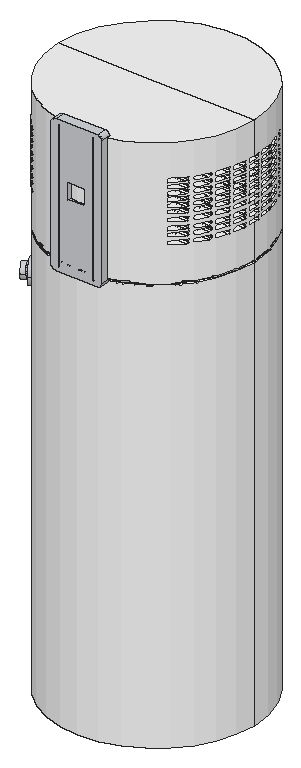
Revit family "STIEBEL ELTRON_WWK 302", category Generic Models, Revit 2022 (continued)
Forms (mm)
  Extrusion 11, void
    sketch origin (-205, 414.536, 5000) x (0, -1, 0) y (0, 0, 1)
      loop
        arc (618.846, -3208.584) -> (620.311, -3212.12) -> (623.846, -3213.584) r 5
        line (623.846, -3213.584) -> (660.17, -3213.584)
        arc (660.17, -3213.584) -> (663.706, -3212.12) -> (665.17, -3208.584) r 5
        line (665.17, -3208.584) -> (665.17, -3204.001)
        arc (665.17, -3204.001) -> (663.706, -3200.466) -> (660.17, -3199.001) r 5
        line (660.17, -3199.001) -> (623.846, -3199.001)
      loop
        arc (173.254, -3199.001) -> (169.719, -3200.466) -> (168.254, -3204.001) r 5
        line (168.254, -3204.001) -> (168.254, -3208.584)
        arc (168.254, -3208.584) -> (169.719, -3212.12) -> (173.254, -3213.584) r 5
        line (173.254, -3213.584) -> (209.578, -3213.584)
        arc (209.578, -3213.584) -> (213.114, -3212.12) -> (214.578, -3208.584) r 5
        line (214.578, -3208.584) -> (214.578, -3204.001)
        arc (214.578, -3204.001) -> (213.114, -3200.466) -> (209.578, -3199.001) r 5
        line (209.578, -3199.001) -> (173.254, -3199.001)
      loop
        arc (229.578, -3199.001) -> (226.043, -3200.466) -> (224.578, -3204.001) r 5
        line (224.578, -3204.001) -> (224.578, -3208.584)
        arc (224.578, -3208.584) -> (226.043, -3212.12) -> (229.578, -3213.584) r 5
        line (229.578, -3213.584) -> (265.902, -3213.584)
        arc (265.902, -3213.584) -> (269.438, -3212.12) -> (270.902, -3208.584) r 5
        line (270.902, -3208.584) -> (270.902, -3204.001)
        arc (270.902, -3204.001) -> (269.438, -3200.466) -> (265.902, -3199.001) r 5
        line (265.902, -3199.001) -> (229.578, -3199.001)
      loop
        arc (285.902, -3199.001) -> (282.367, -3200.466) -> (280.902, -3204.001) r 5
        line (280.902, -3204.001) -> (280.902, -3208.584)
        arc (280.902, -3208.584) -> (282.367, -3212.12) -> (285.902, -3213.584) r 5
        line (285.902, -3213.584) -> (322.226, -3213.584)
        arc (322.226, -3213.584) -> (325.762, -3212.12) -> (327.226, -3208.584) r 5
        line (327.226, -3208.584) -> (327.226, -3204.001)
        arc (327.226, -3204.001) -> (325.762, -3200.466) -> (322.226, -3199.001) r 5
        line (322.226, -3199.001) -> (285.902, -3199.001)
      loop
        arc (342.226, -3219.001) -> (338.691, -3220.466) -> (337.226, -3224.001) r 5
        line (337.226, -3224.001) -> (337.226, -3228.584)
        arc (337.226, -3228.584) -> (338.691, -3232.12) -> (342.226, -3233.584) r 5
        line (342.226, -3233.584) -> (378.55, -3233.584)
        arc (378.55, -3233.584) -> (382.086, -3232.12) -> (383.55, -3228.584) r 5
        line (383.55, -3228.584) -> (383.55, -3224.001)
        arc (383.55, -3224.001) -> (382.086, -3220.466) -> (378.55, -3219.001) r 5
        line (378.55, -3219.001) -> (342.226, -3219.001)
      loop
        arc (398.55, -3219.001) -> (395.015, -3220.466) -> (393.55, -3224.001) r 5
        line (393.55, -3224.001) -> (393.55, -3228.584)
        arc (393.55, -3228.584) -> (395.015, -3232.12) -> (398.55, -3233.584) r 5
        line (398.55, -3233.584) -> (434.874, -3233.584)
        arc (434.874, -3233.584) -> (438.41, -3232.12) -> (439.874, -3228.584) r 5
        line (439.874, -3228.584) -> (439.874, -3224.001)
        arc (439.874, -3224.001) -> (438.41, -3220.466) -> (434.874, -3219.001) r 5
        line (434.874, -3219.001) -> (398.55, -3219.001)
      loop
        arc (454.874, -3219.001) -> (451.339, -3220.466) -> (449.874, -3224.001) r 5
        line (449.874, -3224.001) -> (449.874, -3228.584)
        arc (449.874, -3228.584) -> (451.339, -3232.12) -> (454.874, -3233.584) r 5
        line (454.874, -3233.584) -> (491.198, -3233.584)
        arc (491.198, -3233.584) -> (494.734, -3232.12) -> (496.198, -3228.584) r 5
        line (496.198, -3228.584) -> (496.198, -3224.001)
        arc (496.198, -3224.001) -> (494.734, -3220.466) -> (491.198, -3219.001) r 5
        line (491.198, -3219.001) -> (454.874, -3219.001)
      loop
        arc (511.198, -3219.001) -> (507.663, -3220.466) -> (506.198, -3224.001) r 5
        line (506.198, -3224.001) -> (506.198, -3228.584)
        arc (506.198, -3228.584) -> (507.663, -3232.12) -> (511.198, -3233.584) r 5
        line (511.198, -3233.584) -> (547.522, -3233.584)
        arc (547.522, -3233.584) -> (551.058, -3232.12) -> (552.522, -3228.584) r 5
        line (552.522, -3228.584) -> (552.522, -3224.001)
        arc (552.522, -3224.001) -> (551.058, -3220.466) -> (547.522, -3219.001) r 5
        line (547.522, -3219.001) -> (511.198, -3219.001)
      loop
        arc (567.522, -3219.001) -> (563.987, -3220.466) -> (562.522, -3224.001) r 5
        line (562.522, -3224.001) -> (562.522, -3228.584)
        arc (562.522, -3228.584) -> (563.987, -3232.12) -> (567.522, -3233.584) r 5
        line (567.522, -3233.584) -> (603.846, -3233.584)
        arc (603.846, -3233.584) -> (607.382, -3232.12) -> (608.846, -3228.584) r 5
        line (608.846, -3228.584) -> (608.846, -3224.001)
        arc (608.846, -3224.001) -> (607.382, -3220.466) -> (603.846, -3219.001) r 5
        line (603.846, -3219.001) -> (567.522, -3219.001)
      loop
        arc (623.846, -3219.001) -> (620.311, -3220.466) -> (618.846, -3224.001) r 5
        line (618.846, -3224.001) -> (618.846, -3228.584)
        arc (618.846, -3228.584) -> (620.311, -3232.12) -> (623.846, -3233.584) r 5
        line (623.846, -3233.584) -> (660.17, -3233.584)
        arc (660.17, -3233.584) -> (663.706, -3232.12) -> (665.17, -3228.584) r 5
        line (665.17, -3228.584) -> (665.17, -3224.001)
        arc (665.17, -3224.001) -> (663.706, -3220.466) -> (660.17, -3219.001) r 5
        line (660.17, -3219.001) -> (623.846, -3219.001)
      loop
        arc (173.254, -3219.001) -> (169.719, -3220.466) -> (168.254, -3224.001) r 5
        line (168.254, -3224.001) -> (168.254, -3228.584)
        arc (168.254, -3228.584) -> (169.719, -3232.12) -> (173.254, -3233.584) r 5
        line (173.254, -3233.584) -> (209.578, -3233.584)
        arc (209.578, -3233.584) -> (213.114, -3232.12) -> (214.578, -3228.584) r 5
        line (214.578, -3228.584) -> (214.578, -3224.001)
        arc (214.578, -3224.001) -> (213.114, -3220.466) -> (209.578, -3219.001) r 5
        line (209.578, -3219.001) -> (173.254, -3219.001)
      loop
        arc (229.578, -3219.001) -> (226.043, -3220.466) -> (224.578, -3224.001) r 5
        line (224.578, -3224.001) -> (224.578, -3228.584)
        arc (224.578, -3228.584) -> (226.043, -3232.12) -> (229.578, -3233.584) r 5
        line (229.578, -3233.584) -> (265.902, -3233.584)
        arc (265.902, -3233.584) -> (269.438, -3232.12) -> (270.902, -3228.584) r 5
        line (270.902, -3228.584) -> (270.902, -3224.001)
        arc (270.902, -3224.001) -> (269.438, -3220.466) -> (265.902, -3219.001) r 5
        line (265.902, -3219.001) -> (229.578, -3219.001)
      loop
        arc (285.902, -3219.001) -> (282.367, -3220.466) -> (280.902, -3224.001) r 5
        line (280.902, -3224.001) -> (280.902, -3228.584)
        arc (280.902, -3228.584) -> (282.367, -3232.12) -> (285.902, -3233.584) r 5
        line (285.902, -3233.584) -> (322.226, -3233.584)
        arc (322.226, -3233.584) -> (325.762, -3232.12) -> (327.226, -3228.584) r 5
        line (327.226, -3228.584) -> (327.226, -3224.001)
        arc (327.226, -3224.001) -> (325.762, -3220.466) -> (322.226, -3219.001) r 5
        line (322.226, -3219.001) -> (285.902, -3219.001)
      loop
        arc (342.226, -3239.001) -> (338.691, -3240.466) -> (337.226, -3244.001) r 5
        line (337.226, -3244.001) -> (337.226, -3248.584)
        arc (337.226, -3248.584) -> (338.691, -3252.12) -> (342.226, -3253.584) r 5
        line (342.226, -3253.584) -> (378.55, -3253.584)
        arc (378.55, -3253.584) -> (382.086, -3252.12) -> (383.55, -3248.584) r 5
        line (383.55, -3248.584) -> (383.55, -3244.001)
        arc (383.55, -3244.001) -> (382.086, -3240.466) -> (378.55, -3239.001) r 5
        line (378.55, -3239.001) -> (342.226, -3239.001)
      loop
        arc (398.55, -3239.001) -> (395.015, -3240.466) -> (393.55, -3244.001) r 5
        line (393.55, -3244.001) -> (393.55, -3248.584)
        arc (393.55, -3248.584) -> (395.015, -3252.12) -> (398.55, -3253.584) r 5
        line (398.55, -3253.584) -> (434.874, -3253.584)
        arc (434.874, -3253.584) -> (438.41, -3252.12) -> (439.874, -3248.584) r 5
        line (439.874, -3248.584) -> (439.874, -3244.001)
        arc (439.874, -3244.001) -> (438.41, -3240.466) -> (434.874, -3239.001) r 5
        line (434.874, -3239.001) -> (398.55, -3239.001)
      loop
        arc (454.874, -3239.001) -> (451.339, -3240.466) -> (449.874, -3244.001) r 5
        line (449.874, -3244.001) -> (449.874, -3248.584)
        arc (449.874, -3248.584) -> (451.339, -3252.12) -> (454.874, -3253.584) r 5
        line (454.874, -3253.584) -> (491.198, -3253.584)
        arc (491.198, -3253.584) -> (494.734, -3252.12) -> (496.198, -3248.584) r 5
        line (496.198, -3248.584) -> (496.198, -3244.001)
        arc (496.198, -3244.001) -> (494.734, -3240.466) -> (491.198, -3239.001) r 5
        line (491.198, -3239.001) -> (454.874, -3239.001)
      loop
        arc (511.198, -3239.001) -> (507.663, -3240.466) -> (506.198, -3244.001) r 5
        line (506.198, -3244.001) -> (506.198, -3248.584)
        arc (506.198, -3248.584) -> (507.663, -3252.12) -> (511.198, -3253.584) r 5
        line (511.198, -3253.584) -> (547.522, -3253.584)
        arc (547.522, -3253.584) -> (551.058, -3252.12) -> (552.522, -3248.584) r 5
        line (552.522, -3248.584) -> (552.522, -3244.001)
        arc (552.522, -3244.001) -> (551.058, -3240.466) -> (547.522, -3239.001) r 5
        line (547.522, -3239.001) -> (511.198, -3239.001)
      loop
        arc (567.522, -3239.001) -> (563.987, -3240.466) -> (562.522, -3244.001) r 5
        line (562.522, -3244.001) -> (562.522, -3248.584)
        arc (562.522, -3248.584) -> (563.987, -3252.12) -> (567.522, -3253.584) r 5
        line (567.522, -3253.584) -> (603.846, -3253.584)
        arc (603.846, -3253.584) -> (607.382, -3252.12) -> (608.846, -3248.584) r 5
        line (608.846, -3248.584) -> (608.846, -3244.001)
        arc (608.846, -3244.001) -> (607.382, -3240.466) -> (603.846, -3239.001) r 5
        line (603.846, -3239.001) -> (567.522, -3239.001)
      loop
        arc (623.846, -3239.001) -> (620.311, -3240.466) -> (618.846, -3244.001) r 5
        line (618.846, -3244.001) -> (618.846, -3248.584)
        arc (618.846, -3248.584) -> (620.311, -3252.12) -> (623.846, -3253.584) r 5
        line (623.846, -3253.584) -> (660.17, -3253.584)
        arc (660.17, -3253.584) -> (663.706, -3252.12) -> (665.17, -3248.584) r 5
        line (665.17, -3248.584) -> (665.17, -3244.001)
        arc (665.17, -3244.001) -> (663.706, -3240.466) -> (660.17, -3239.001) r 5
        line (660.17, -3239.001) -> (623.846, -3239.001)
      loop
        arc (173.254, -3239.001) -> (169.719, -3240.466) -> (168.254, -3244.001) r 5
        line (168.254, -3244.001) -> (168.254, -3248.584)
        arc (168.254, -3248.584) -> (169.719, -3252.12) -> (173.254, -3253.584) r 5
        line (173.254, -3253.584) -> (209.578, -3253.584)
        arc (209.578, -3253.584) -> (213.114, -3252.12) -> (214.578, -3248.584) r 5
        line (214.578, -3248.584) -> (214.578, -3244.001)
        arc (214.578, -3244.001) -> (213.114, -3240.466) -> (209.578, -3239.001) r 5
        line (209.578, -3239.001) -> (173.254, -3239.001)
      loop
        arc (229.578, -3239.001) -> (226.043, -3240.466) -> (224.578, -3244.001) r 5
        line (224.578, -3244.001) -> (224.578, -3248.584)
        arc (224.578, -3248.584) -> (226.043, -3252.12) -> (229.578, -3253.584) r 5
        line (229.578, -3253.584) -> (265.902, -3253.584)
        arc (265.902, -3253.584) -> (269.438, -3252.12) -> (270.902, -3248.584) r 5
        line (270.902, -3248.584) -> (270.902, -3244.001)
        arc (270.902, -3244.001) -> (269.438, -3240.466) -> (265.902, -3239.001) r 5
        line (265.902, -3239.001) -> (229.578, -3239.001)
      loop
        arc (285.902, -3239.001) -> (282.367, -3240.466) -> (280.902, -3244.001) r 5
        line (280.902, -3244.001) -> (280.902, -3248.584)
        arc (280.902, -3248.584) -> (282.367, -3252.12) -> (285.902, -3253.584) r 5
        line (285.902, -3253.584) -> (322.226, -3253.584)
        arc (322.226, -3253.584) -> (325.762, -3252.12) -> (327.226, -3248.584) r 5
        line (327.226, -3248.584) -> (327.226, -3244.001)
        arc (327.226, -3244.001) -> (325.762, -3240.466) -> (322.226, -3239.001) r 5
        line (322.226, -3239.001) -> (285.902, -3239.001)
      loop
        arc (342.226, -3259.001) -> (338.691, -3260.466) -> (337.226, -3264.001) r 5
        line (337.226, -3264.001) -> (337.226, -3268.584)
        arc (337.226, -3268.584) -> (338.691, -3272.12) -> (342.226, -3273.584) r 5
        line (342.226, -3273.584) -> (378.55, -3273.584)
        arc (378.55, -3273.584) -> (382.086, -3272.12) -> (383.55, -3268.584) r 5
        line (383.55, -3268.584) -> (383.55, -3264.001)
        arc (383.55, -3264.001) -> (382.086, -3260.466) -> (378.55, -3259.001) r 5
        line (378.55, -3259.001) -> (342.226, -3259.001)
      loop
        arc (398.55, -3259.001) -> (395.015, -3260.466) -> (393.55, -3264.001) r 5
        line (393.55, -3264.001) -> (393.55, -3268.584)
        arc (393.55, -3268.584) -> (395.015, -3272.12) -> (398.55, -3273.584) r 5
        line (398.55, -3273.584) -> (434.874, -3273.584)
        arc (434.874, -3273.584) -> (438.41, -3272.12) -> (439.874, -3268.584) r 5
        line (439.874, -3268.584) -> (439.874, -3264.001)
        arc (439.874, -3264.001) -> (438.41, -3260.466) -> (434.874, -3259.001) r 5
        line (434.874, -3259.001) -> (398.55, -3259.001)
      loop
        arc (454.874, -3259.001) -> (451.339, -3260.466) -> (449.874, -3264.001) r 5
        line (449.874, -3264.001) -> (449.874, -3268.584)
        arc (449.874, -3268.584) -> (451.339, -3272.12) -> (454.874, -3273.584) r 5
        line (454.874, -3273.584) -> (491.198, -3273.584)
        arc (491.198, -3273.584) -> (494.734, -3272.12) -> (496.198, -3268.584) r 5
        line (496.198, -3268.584) -> (496.198, -3264.001)
        arc (496.198, -3264.001) -> (494.734, -3260.466) -> (491.198, -3259.001) r 5
        line (491.198, -3259.001) -> (454.874, -3259.001)
      loop
        arc (511.198, -3259.001) -> (507.663, -3260.466) -> (506.198, -3264.001) r 5
        line (506.198, -3264.001) -> (506.198, -3268.584)
        arc (506.198, -3268.584) -> (507.663, -3272.12) -> (511.198, -3273.584) r 5
        line (511.198, -3273.584) -> (547.522, -3273.584)
        arc (547.522, -3273.584) -> (551.058, -3272.12) -> (552.522, -3268.584) r 5
        line (552.522, -3268.584) -> (552.522, -3264.001)
        arc (552.522, -3264.001) -> (551.058, -3260.466) -> (547.522, -3259.001) r 5
        line (547.522, -3259.001) -> (511.198, -3259.001)
      loop
        arc (567.522, -3259.001) -> (563.987, -3260.466) -> (562.522, -3264.001) r 5
        line (562.522, -3264.001) -> (562.522, -3268.584)
        arc (562.522, -3268.584) -> (563.987, -3272.12) -> (567.522, -3273.584) r 5
        line (567.522, -3273.584) -> (603.846, -3273.584)
        arc (603.846, -3273.584) -> (607.382, -3272.12) -> (608.846, -3268.584) r 5
        line (608.846, -3268.584) -> (608.846, -3264.001)
        arc (608.846, -3264.001) -> (607.382, -3260.466) -> (603.846, -3259.001) r 5
        line (603.846, -3259.001) -> (567.522, -3259.001)
      loop
        arc (623.846, -3259.001) -> (620.311, -3260.466) -> (618.846, -3264.001) r 5
        line (618.846, -3264.001) -> (618.846, -3268.584)
        arc (618.846, -3268.584) -> (620.311, -3272.12) -> (623.846, -3273.584) r 5
        line (623.846, -3273.584) -> (660.17, -3273.584)
        arc (660.17, -3273.584) -> (663.706, -3272.12) -> (665.17, -3268.584) r 5
        line (665.17, -3268.584) -> (665.17, -3264.001)
        arc (665.17, -3264.001) -> (663.706, -3260.466) -> (660.17, -3259.001) r 5
        line (660.17, -3259.001) -> (623.846, -3259.001)
      loop
        arc (173.254, -3259.001) -> (169.719, -3260.466) -> (168.254, -3264.001) r 5
        line (168.254, -3264.001) -> (168.254, -3268.584)
        arc (168.254, -3268.584) -> (169.719, -3272.12) -> (173.254, -3273.584) r 5
        line (173.254, -3273.584) -> (209.578, -3273.584)
        arc (209.578, -3273.584) -> (213.114, -3272.12) -> (214.578, -3268.584) r 5
        line (214.578, -3268.584) -> (214.578, -3264.001)
        arc (214.578, -3264.001) -> (213.114, -3260.466) -> (209.578, -3259.001) r 5
        line (209.578, -3259.001) -> (173.254, -3259.001)
      loop
        arc (229.578, -3259.001) -> (226.043, -3260.466) -> (224.578, -3264.001) r 5
        line (224.578, -3264.001) -> (224.578, -3268.584)
        arc (224.578, -3268.584) -> (226.043, -3272.12) -> (229.578, -3273.584) r 5
        line (229.578, -3273.584) -> (265.902, -3273.584)
        arc (265.902, -3273.584) -> (269.438, -3272.12) -> (270.902, -3268.584) r 5
        line (270.902, -3268.584) -> (270.902, -3264.001)
        arc (270.902, -3264.001) -> (269.438, -3260.466) -> (265.902, -3259.001) r 5
        line (265.902, -3259.001) -> (229.578, -3259.001)
      loop
        arc (285.902, -3259.001) -> (282.367, -3260.466) -> (280.902, -3264.001) r 5
        line (280.902, -3264.001) -> (280.902, -3268.584)
        arc (280.902, -3268.584) -> (282.367, -3272.12) -> (285.902, -3273.584) r 5
        line (285.902, -3273.584) -> (322.226, -3273.584)
        arc (322.226, -3273.584) -> (325.762, -3272.12) -> (327.226, -3268.584) r 5
        line (327.226, -3268.584) -> (327.226, -3264.001)
        arc (327.226, -3264.001) -> (325.762, -3260.466) -> (322.226, -3259.001) r 5
        line (322.226, -3259.001) -> (285.902, -3259.001)
      loop
        arc (342.226, -3278.598) -> (338.691, -3280.063) -> (337.226, -3283.598) r 5
        line (337.226, -3283.598) -> (337.226, -3288.182)
        arc (337.226, -3288.182) -> (338.691, -3291.717) -> (342.226, -3293.182) r 5
        line (342.226, -3293.182) -> (378.55, -3293.182)
        arc (378.55, -3293.182) -> (382.086, -3291.717) -> (383.55, -3288.182) r 5
        line (383.55, -3288.182) -> (383.55, -3283.598)
        arc (383.55, -3283.598) -> (382.086, -3280.063) -> (378.55, -3278.598) r 5
        line (378.55, -3278.598) -> (342.226, -3278.598)
      loop
        arc (398.55, -3278.598) -> (395.015, -3280.063) -> (393.55, -3283.598) r 5
        line (393.55, -3283.598) -> (393.55, -3288.182)
        arc (393.55, -3288.182) -> (395.015, -3291.717) -> (398.55, -3293.182) r 5
        line (398.55, -3293.182) -> (434.874, -3293.182)
        arc (434.874, -3293.182) -> (438.41, -3291.717) -> (439.874, -3288.182) r 5
        line (439.874, -3288.182) -> (439.874, -3283.598)
        arc (439.874, -3283.598) -> (438.41, -3280.063) -> (434.874, -3278.598) r 5
        line (434.874, -3278.598) -> (398.55, -3278.598)
      loop
        arc (454.874, -3278.598) -> (451.339, -3280.063) -> (449.874, -3283.598) r 5
        line (449.874, -3283.598) -> (449.874, -3288.182)
        arc (449.874, -3288.182) -> (451.339, -3291.717) -> (454.874, -3293.182) r 5
        line (454.874, -3293.182) -> (491.198, -3293.182)
        arc (491.198, -3293.182) -> (494.734, -3291.717) -> (496.198, -3288.182) r 5
        line (496.198, -3288.182) -> (496.198, -3283.598)
        arc (496.198, -3283.598) -> (494.734, -3280.063) -> (491.198, -3278.598) r 5
        line (491.198, -3278.598) -> (454.874, -3278.598)
      loop
        arc (511.198, -3278.598) -> (507.663, -3280.063) -> (506.198, -3283.598) r 5
        line (506.198, -3283.598) -> (506.198, -3288.182)
        arc (506.198, -3288.182) -> (507.663, -3291.717) -> (511.198, -3293.182) r 5
        line (511.198, -3293.182) -> (547.522, -3293.182)
        arc (547.522, -3293.182) -> (551.058, -3291.717) -> (552.522, -3288.182) r 5
        line (552.522, -3288.182) -> (552.522, -3283.598)
        arc (552.522, -3283.598) -> (551.058, -3280.063) -> (547.522, -3278.598) r 5
        line (547.522, -3278.598) -> (511.198, -3278.598)
      loop
        arc (567.522, -3278.598) -> (563.987, -3280.063) -> (562.522, -3283.598) r 5
        line (562.522, -3283.598) -> (562.522, -3288.182)
        arc (562.522, -3288.182) -> (563.987, -3291.717) -> (567.522, -3293.182) r 5
        line (567.522, -3293.182) -> (603.846, -3293.182)
        arc (603.846, -3293.182) -> (607.382, -3291.717) -> (608.846, -3288.182) r 5
        line (608.846, -3288.182) -> (608.846, -3283.598)
        arc (608.846, -3283.598) -> (607.382, -3280.063) -> (603.846, -3278.598) r 5
        line (603.846, -3278.598) -> (567.522, -3278.598)
      loop
        arc (623.846, -3278.598) -> (620.311, -3280.063) -> (618.846, -3283.598) r 5
        line (618.846, -3283.598) -> (618.846, -3288.182)
        arc (618.846, -3288.182) -> (620.311, -3291.717) -> (623.846, -3293.182) r 5
        line (623.846, -3293.182) -> (660.17, -3293.182)
        arc (660.17, -3293.182) -> (663.706, -3291.717) -> (665.17, -3288.182) r 5
        line (665.17, -3288.182) -> (665.17, -3283.598)
        arc (665.17, -3283.598) -> (663.706, -3280.063) -> (660.17, -3278.598) r 5
        line (660.17, -3278.598) -> (623.846, -3278.598)
      loop
        arc (173.254, -3278.598) -> (169.719, -3280.063) -> (168.254, -3283.598) r 5
        line (168.254, -3283.598) -> (168.254, -3288.182)
        arc (168.254, -3288.182) -> (169.719, -3291.717) -> (173.254, -3293.182) r 5
        line (173.254, -3293.182) -> (209.578, -3293.182)
        arc (209.578, -3293.182) -> (213.114, -3291.717) -> (214.578, -3288.182) r 5
        line (214.578, -3288.182) -> (214.578, -3283.598)
        arc (214.578, -3283.598) -> (213.114, -3280.063) -> (209.578, -3278.598) r 5
        line (209.578, -3278.598) -> (173.254, -3278.598)
      loop
        arc (229.578, -3278.598) -> (226.043, -3280.063) -> (224.578, -3283.598) r 5
        line (224.578, -3283.598) -> (224.578, -3288.182)
        arc (224.578, -3288.182) -> (226.043, -3291.717) -> (229.578, -3293.182) r 5
        line (229.578, -3293.182) -> (265.902, -3293.182)
        arc (265.902, -3293.182) -> (269.438, -3291.717) -> (270.902, -3288.182) r 5
        line (270.902, -3288.182) -> (270.902, -3283.598)
        arc (270.902, -3283.598) -> (269.438, -3280.063) -> (265.902, -3278.598) r 5
        line (265.902, -3278.598) -> (229.578, -3278.598)
      loop
        arc (285.902, -3278.598) -> (282.367, -3280.063) -> (280.902, -3283.598) r 5
        line (280.902, -3283.598) -> (280.902, -3288.182)
        arc (280.902, -3288.182) -> (282.367, -3291.717) -> (285.902, -3293.182) r 5
        line (285.902, -3293.182) -> (322.226, -3293.182)
        arc (322.226, -3293.182) -> (325.762, -3291.717) -> (327.226, -3288.182) r 5
        line (327.226, -3288.182) -> (327.226, -3283.598)
        arc (327.226, -3283.598) -> (325.762, -3280.063) -> (322.226, -3278.598) r 5
        line (322.226, -3278.598) -> (285.902, -3278.598)
      loop
        arc (342.226, -3298.584) -> (338.691, -3300.049) -> (337.226, -3303.584) r 5
        line (337.226, -3303.584) -> (337.226, -3308.168)
        arc (337.226, -3308.168) -> (338.691, -3311.703) -> (342.226, -3313.168) r 5
        line (342.226, -3313.168) -> (378.55, -3313.168)
        arc (378.55, -3313.168) -> (382.086, -3311.703) -> (383.55, -3308.168) r 5
        line (383.55, -3308.168) -> (383.55, -3303.584)
        arc (383.55, -3303.584) -> (382.086, -3300.049) -> (378.55, -3298.584) r 5
        line (378.55, -3298.584) -> (342.226, -3298.584)
      loop
        arc (398.55, -3298.584) -> (395.015, -3300.049) -> (393.55, -3303.584) r 5
        line (393.55, -3303.584) -> (393.55, -3308.168)
        arc (393.55, -3308.168) -> (395.015, -3311.703) -> (398.55, -3313.168) r 5
        line (398.55, -3313.168) -> (434.874, -3313.168)
        arc (434.874, -3313.168) -> (438.41, -3311.703) -> (439.874, -3308.168) r 5
        line (439.874, -3308.168) -> (439.874, -3303.584)
        arc (439.874, -3303.584) -> (438.41, -3300.049) -> (434.874, -3298.584) r 5
        line (434.874, -3298.584) -> (398.55, -3298.584)
      loop
        arc (454.874, -3298.584) -> (451.339, -3300.049) -> (449.874, -3303.584) r 5
        line (449.874, -3303.584) -> (449.874, -3308.168)
        arc (449.874, -3308.168) -> (451.339, -3311.703) -> (454.874, -3313.168) r 5
        line (454.874, -3313.168) -> (491.198, -3313.168)
        arc (491.198, -3313.168) -> (494.734, -3311.703) -> (496.198, -3308.168) r 5
        line (496.198, -3308.168) -> (496.198, -3303.584)
        arc (496.198, -3303.584) -> (494.734, -3300.049) -> (491.198, -3298.584) r 5
        line (491.198, -3298.584) -> (454.874, -3298.584)
      loop
        arc (511.198, -3298.584) -> (507.663, -3300.049) -> (506.198, -3303.584) r 5
        line (506.198, -3303.584) -> (506.198, -3308.168)
        arc (506.198, -3308.168) -> (507.663, -3311.703) -> (511.198, -3313.168) r 5
        line (511.198, -3313.168) -> (547.522, -3313.168)
        arc (547.522, -3313.168) -> (551.058, -3311.703) -> (552.522, -3308.168) r 5
        line (552.522, -3308.168) -> (552.522, -3303.584)
        arc (552.522, -3303.584) -> (551.058, -3300.049) -> (547.522, -3298.584) r 5
        line (547.522, -3298.584) -> (511.198, -3298.584)
      loop
        arc (567.522, -3298.584) -> (563.987, -3300.049) -> (562.522, -3303.584) r 5
        line (562.522, -3303.584) -> (562.522, -3308.168)
        arc (562.522, -3308.168) -> (563.987, -3311.703) -> (567.522, -3313.168) r 5
        line (567.522, -3313.168) -> (603.846, -3313.168)
        arc (603.846, -3313.168) -> (607.382, -3311.703) -> (608.846, -3308.168) r 5
        line (608.846, -3308.168) -> (608.846, -3303.584)
        arc (608.846, -3303.584) -> (607.382, -3300.049) -> (603.846, -3298.584) r 5
        line (603.846, -3298.584) -> (567.522, -3298.584)
      loop
        arc (623.846, -3298.584) -> (620.311, -3300.049) -> (618.846, -3303.584) r 5
        line (618.846, -3303.584) -> (618.846, -3308.168)
        arc (618.846, -3308.168) -> (620.311, -3311.703) -> (623.846, -3313.168) r 5
        line (623.846, -3313.168) -> (660.17, -3313.168)
        arc (660.17, -3313.168) -> (663.706, -3311.703) -> (665.17, -3308.168) r 5
        line (665.17, -3308.168) -> (665.17, -3303.584)
        arc (665.17, -3303.584) -> (663.706, -3300.049) -> (660.17, -3298.584) r 5
        line (660.17, -3298.584) -> (623.846, -3298.584)
      loop
        arc (173.254, -3298.584) -> (169.719, -3300.049) -> (168.254, -3303.584) r 5
        line (168.254, -3303.584) -> (168.254, -3308.168)
        arc (168.254, -3308.168) -> (169.719, -3311.703) -> (173.254, -3313.168) r 5
        line (173.254, -3313.168) -> (209.578, -3313.168)
        arc (209.578, -3313.168) -> (213.114, -3311.703) -> (214.578, -3308.168) r 5
        line (214.578, -3308.168) -> (214.578, -3303.584)
        arc (214.578, -3303.584) -> (213.114, -3300.049) -> (209.578, -3298.584) r 5
        line (209.578, -3298.584) -> (173.254, -3298.584)
      loop
        arc (229.578, -3298.584) -> (226.043, -3300.049) -> (224.578, -3303.584) r 5
        line (224.578, -3303.584) -> (224.578, -3308.168)
        arc (224.578, -3308.168) -> (226.043, -3311.703) -> (229.578, -3313.168) r 5
        line (229.578, -3313.168) -> (265.902, -3313.168)
        arc (265.902, -3313.168) -> (269.438, -3311.703) -> (270.902, -3308.168) r 5
        line (270.902, -3308.168) -> (270.902, -3303.584)
        arc (270.902, -3303.584) -> (269.438, -3300.049) -> (265.902, -3298.584) r 5
        line (265.902, -3298.584) -> (229.578, -3298.584)
      loop
        arc (285.902, -3298.584) -> (282.367, -3300.049) -> (280.902, -3303.584) r 5
        line (280.902, -3303.584) -> (280.902, -3308.168)
        arc (280.902, -3308.168) -> (282.367, -3311.703) -> (285.902, -3313.168) r 5
        line (285.902, -3313.168) -> (322.226, -3313.168)
        arc (322.226, -3313.168) -> (325.762, -3311.703) -> (327.226, -3308.168) r 5
        line (327.226, -3308.168) -> (327.226, -3303.584)
        arc (327.226, -3303.584) -> (325.762, -3300.049) -> (322.226, -3298.584) r 5
        line (322.226, -3298.584) -> (285.902, -3298.584)
      loop
        arc (342.226, -3323.584) -> (338.691, -3325.049) -> (337.226, -3328.584) r 5
        line (337.226, -3328.584) -> (337.226, -3333.168)
        arc (337.226, -3333.168) -> (338.691, -3336.703) -> (342.226, -3338.168) r 5
        line (342.226, -3338.168) -> (378.55, -3338.168)
        arc (378.55, -3338.168) -> (382.086, -3336.703) -> (383.55, -3333.168) r 5
        line (383.55, -3333.168) -> (383.55, -3328.584)
        arc (383.55, -3328.584) -> (382.086, -3325.049) -> (378.55, -3323.584) r 5
        line (378.55, -3323.584) -> (342.226, -3323.584)
      loop
        arc (398.55, -3323.584) -> (395.015, -3325.049) -> (393.55, -3328.584) r 5
        line (393.55, -3328.584) -> (393.55, -3333.168)
        arc (393.55, -3333.168) -> (395.015, -3336.703) -> (398.55, -3338.168) r 5
        line (398.55, -3338.168) -> (434.874, -3338.168)
        arc (434.874, -3338.168) -> (438.41, -3336.703) -> (439.874, -3333.168) r 5
        line (439.874, -3333.168) -> (439.874, -3328.584)
        arc (439.874, -3328.584) -> (438.41, -3325.049) -> (434.874, -3323.584) r 5
        line (434.874, -3323.584) -> (398.55, -3323.584)
      loop
        arc (454.874, -3323.584) -> (451.339, -3325.049) -> (449.874, -3328.584) r 5
        line (449.874, -3328.584) -> (449.874, -3333.168)
        arc (449.874, -3333.168) -> (451.339, -3336.703) -> (454.874, -3338.168) r 5
        line (454.874, -3338.168) -> (491.198, -3338.168)
        arc (491.198, -3338.168) -> (494.734, -3336.703) -> (496.198, -3333.168) r 5
        line (496.198, -3333.168) -> (496.198, -3328.584)
        arc (496.198, -3328.584) -> (494.734, -3325.049) -> (491.198, -3323.584) r 5
        line (491.198, -3323.584) -> (454.874, -3323.584)
      loop
        arc (511.198, -3323.584) -> (507.663, -3325.049) -> (506.198, -3328.584) r 5
        line (506.198, -3328.584) -> (506.198, -3333.168)
        arc (506.198, -3333.168) -> (507.663, -3336.703) -> (511.198, -3338.168) r 5
        line (511.198, -3338.168) -> (547.522, -3338.168)
        arc (547.522, -3338.168) -> (551.058, -3336.703) -> (552.522, -3333.168) r 5
        line (552.522, -3333.168) -> (552.522, -3328.584)
        arc (552.522, -3328.584) -> (551.058, -3325.049) -> (547.522, -3323.584) r 5
        line (547.522, -3323.584) -> (511.198, -3323.584)
      loop
        arc (567.522, -3323.584) -> (563.987, -3325.049) -> (562.522, -3328.584) r 5
        line (562.522, -3328.584) -> (562.522, -3333.168)
        arc (562.522, -3333.168) -> (563.987, -3336.703) -> (567.522, -3338.168) r 5
        line (567.522, -3338.168) -> (603.846, -3338.168)
        arc (603.846, -3338.168) -> (607.382, -3336.703) -> (608.846, -3333.168) r 5
        line (608.846, -3333.168) -> (608.846, -3328.584)
        arc (608.846, -3328.584) -> (607.382, -3325.049) -> (603.846, -3323.584) r 5
        line (603.846, -3323.584) -> (567.522, -3323.584)
      loop
        arc (623.846, -3323.584) -> (620.311, -3325.049) -> (618.846, -3328.584) r 5
        line (618.846, -3328.584) -> (618.846, -3333.168)
        arc (618.846, -3333.168) -> (620.311, -3336.703) -> (623.846, -3338.168) r 5
        line (623.846, -3338.168) -> (660.17, -3338.168)
        arc (660.17, -3338.168) -> (663.706, -3336.703) -> (665.17, -3333.168) r 5
        line (665.17, -3333.168) -> (665.17, -3328.584)
        arc (665.17, -3328.584) -> (663.706, -3325.049) -> (660.17, -3323.584) r 5
        line (660.17, -3323.584) -> (623.846, -3323.584)
      loop
        arc (173.254, -3323.584) -> (169.719, -3325.049) -> (168.254, -3328.584) r 5
        line (168.254, -3328.584) -> (168.254, -3333.168)
        arc (168.254, -3333.168) -> (169.719, -3336.703) -> (173.254, -3338.168) r 5
        line (173.254, -3338.168) -> (209.578, -3338.168)
        arc (209.578, -3338.168) -> (213.114, -3336.703) -> (214.578, -3333.168) r 5
        line (214.578, -3333.168) -> (214.578, -3328.584)
        arc (214.578, -3328.584) -> (213.114, -3325.049) -> (209.578, -3323.584) r 5
        line (209.578, -3323.584) -> (173.254, -3323.584)
      loop
        arc (229.578, -3323.584) -> (226.043, -3325.049) -> (224.578, -3328.584) r 5
        line (224.578, -3328.584) -> (224.578, -3333.168)
        arc (224.578, -3333.168) -> (226.043, -3336.703) -> (229.578, -3338.168) r 5
        line (229.578, -3338.168) -> (265.902, -3338.168)
        arc (265.902, -3338.168) -> (269.438, -3336.703) -> (270.902, -3333.168) r 5
        line (270.902, -3333.168) -> (270.902, -3328.584)
        arc (270.902, -3328.584) -> (269.438, -3325.049) -> (265.902, -3323.584) r 5
        line (265.902, -3323.584) -> (229.578, -3323.584)
      loop
        arc (285.902, -3323.584) -> (282.367, -3325.049) -> (280.902, -3328.584) r 5
        line (280.902, -3328.584) -> (280.902, -3333.168)
        arc (280.902, -3333.168) -> (282.367, -3336.703) -> (285.902, -3338.168) r 5
        line (285.902, -3338.168) -> (322.226, -3338.168)
        arc (322.226, -3338.168) -> (325.762, -3336.703) -> (327.226, -3333.168) r 5
        line (327.226, -3333.168) -> (327.226, -3328.584)
        arc (327.226, -3328.584) -> (325.762, -3325.049) -> (322.226, -3323.584) r 5
        line (322.226, -3323.584) -> (285.902, -3323.584)
      loop
        arc (342.226, -3350.668) -> (338.691, -3352.132) -> (337.226, -3355.668) r 5
        line (337.226, -3355.668) -> (337.226, -3360.251)
        arc (337.226, -3360.251) -> (338.691, -3363.787) -> (342.226, -3365.251) r 5
        line (342.226, -3365.251) -> (378.55, -3365.251)
        arc (378.55, -3365.251) -> (382.086, -3363.787) -> (383.55, -3360.251) r 5
        line (383.55, -3360.251) -> (383.55, -3355.668)
        arc (383.55, -3355.668) -> (382.086, -3352.132) -> (378.55, -3350.668) r 5
        line (378.55, -3350.668) -> (342.226, -3350.668)
      loop
        arc (398.55, -3350.668) -> (395.015, -3352.132) -> (393.55, -3355.668) r 5
        line (393.55, -3355.668) -> (393.55, -3360.251)
        arc (393.55, -3360.251) -> (395.015, -3363.787) -> (398.55, -3365.251) r 5
        line (398.55, -3365.251) -> (434.874, -3365.251)
        arc (434.874, -3365.251) -> (438.41, -3363.787) -> (439.874, -3360.251) r 5
        line (439.874, -3360.251) -> (439.874, -3355.668)
        arc (439.874, -3355.668) -> (438.41, -3352.132) -> (434.874, -3350.668) r 5
        line (434.874, -3350.668) -> (398.55, -3350.668)
      loop
        arc (454.874, -3350.668) -> (451.339, -3352.132) -> (449.874, -3355.668) r 5
        line (449.874, -3355.668) -> (449.874, -3360.251)
        arc (449.874, -3360.251) -> (451.339, -3363.787) -> (454.874, -3365.251) r 5
        line (454.874, -3365.251) -> (491.198, -3365.251)
        arc (491.198, -3365.251) -> (494.734, -3363.787) -> (496.198, -3360.251) r 5
        line (496.198, -3360.251) -> (496.198, -3355.668)
        arc (496.198, -3355.668) -> (494.734, -3352.132) -> (491.198, -3350.668) r 5
        line (491.198, -3350.668) -> (454.874, -3350.668)
      loop
        arc (511.198, -3350.668) -> (507.663, -3352.132) -> (506.198, -3355.668) r 5
        line (506.198, -3355.668) -> (506.198, -3360.251)
        arc (506.198, -3360.251) -> (507.663, -3363.787) -> (511.198, -3365.251) r 5
        line (511.198, -3365.251) -> (547.522, -3365.251)
        arc (547.522, -3365.251) -> (551.058, -3363.787) -> (552.522, -3360.251) r 5
        line (552.522, -3360.251) -> (552.522, -3355.668)
        arc (552.522, -3355.668) -> (551.058, -3352.132) -> (547.522, -3350.668) r 5
        line (547.522, -3350.668) -> (511.198, -3350.668)
      loop
        arc (567.522, -3350.668) -> (563.987, -3352.132) -> (562.522, -3355.668) r 5
        line (562.522, -3355.668) -> (562.522, -3360.251)
        arc (562.522, -3360.251) -> (563.987, -3363.787) -> (567.522, -3365.251) r 5
        line (567.522, -3365.251) -> (603.846, -3365.251)
        arc (603.846, -3365.251) -> (607.382, -3363.787) -> (608.846, -3360.251) r 5
        line (608.846, -3360.251) -> (608.846, -3355.668)
        arc (608.846, -3355.668) -> (607.382, -3352.132) -> (603.846, -3350.668) r 5
        line (603.846, -3350.668) -> (567.522, -3350.668)
      loop
        arc (623.846, -3350.668) -> (620.311, -3352.132) -> (618.846, -3355.668) r 5
        line (618.846, -3355.668) -> (618.846, -3360.251)
        arc (618.846, -3360.251) -> (620.311, -3363.787) -> (623.846, -3365.251) r 5
        line (623.846, -3365.251) -> (660.17, -3365.251)
        arc (660.17, -3365.251) -> (663.706, -3363.787) -> (665.17, -3360.251) r 5
        line (665.17, -3360.251) -> (665.17, -3355.668)
        arc (665.17, -3355.668) -> (663.706, -3352.132) -> (660.17, -3350.668) r 5
        line (660.17, -3350.668) -> (623.846, -3350.668)
      loop
        arc (173.254, -3350.668) -> (169.719, -3352.132) -> (168.254, -3355.668) r 5
        line (168.254, -3355.668) -> (168.254, -3360.251)
        arc (168.254, -3360.251) -> (169.719, -3363.787) -> (173.254, -3365.251) r 5
        line (173.254, -3365.251) -> (209.578, -3365.251)
        arc (209.578, -3365.251) -> (213.114, -3363.787) -> (214.578, -3360.251) r 5
        line (214.578, -3360.251) -> (214.578, -3355.668)
        arc (214.578, -3355.668) -> (213.114, -3352.132) -> (209.578, -3350.668) r 5
        line (209.578, -3350.668) -> (173.254, -3350.668)
      loop
        arc (229.578, -3350.668) -> (226.043, -3352.132) -> (224.578, -3355.668) r 5
        line (224.578, -3355.668) -> (224.578, -3360.251)
        arc (224.578, -3360.251) -> (226.043, -3363.787) -> (229.578, -3365.251) r 5
        line (229.578, -3365.251) -> (265.902, -3365.251)
        arc (265.902, -3365.251) -> (269.438, -3363.787) -> (270.902, -3360.251) r 5
        line (270.902, -3360.251) -> (270.902, -3355.668)
        arc (270.902, -3355.668) -> (269.438, -3352.132) -> (265.902, -3350.668) r 5
        line (265.902, -3350.668) -> (229.578, -3350.668)
      loop
        arc (285.902, -3350.668) -> (282.367, -3352.132) -> (280.902, -3355.668) r 5
        line (280.902, -3355.668) -> (280.902, -3360.251)
        arc (280.902, -3360.251) -> (282.367, -3363.787) -> (285.902, -3365.251) r 5
        line (285.902, -3365.251) -> (322.226, -3365.251)
        arc (322.226, -3365.251) -> (325.762, -3363.787) -> (327.226, -3360.251) r 5
        line (327.226, -3360.251) -> (327.226, -3355.668)
        arc (327.226, -3355.668) -> (325.762, -3352.132) -> (322.226, -3350.668) r 5
        line (322.226, -3350.668) -> (285.902, -3350.668)
      loop
        arc (342.226, -3370.668) -> (338.691, -3372.132) -> (337.226, -3375.668) r 5
        line (337.226, -3375.668) -> (337.226, -3380.251)
        arc (337.226, -3380.251) -> (338.691, -3383.787) -> (342.226, -3385.251) r 5
        line (342.226, -3385.251) -> (378.55, -3385.251)
        arc (378.55, -3385.251) -> (382.086, -3383.787) -> (383.55, -3380.251) r 5
        line (383.55, -3380.251) -> (383.55, -3375.668)
        arc (383.55, -3375.668) -> (382.086, -3372.132) -> (378.55, -3370.668) r 5
        line (378.55, -3370.668) -> (342.226, -3370.668)
      loop
        arc (398.55, -3370.668) -> (395.015, -3372.132) -> (393.55, -3375.668) r 5
        line (393.55, -3375.668) -> (393.55, -3380.251)
        arc (393.55, -3380.251) -> (395.015, -3383.787) -> (398.55, -3385.251) r 5
        line (398.55, -3385.251) -> (434.874, -3385.251)
        arc (434.874, -3385.251) -> (438.41, -3383.787) -> (439.874, -3380.251) r 5
        line (439.874, -3380.251) -> (439.874, -3375.668)
        arc (439.874, -3375.668) -> (438.41, -3372.132) -> (434.874, -3370.668) r 5
        line (434.874, -3370.668) -> (398.55, -3370.668)
      loop
        arc (454.874, -3370.668) -> (451.339, -3372.132) -> (449.874, -3375.668) r 5
        line (449.874, -3375.668) -> (449.874, -3380.251)
        arc (449.874, -3380.251) -> (451.339, -3383.787) -> (454.874, -3385.251) r 5
        line (454.874, -3385.251) -> (491.198, -3385.251)
        arc (491.198, -3385.251) -> (494.734, -3383.787) -> (496.198, -3380.251) r 5
        line (496.198, -3380.251) -> (496.198, -3375.668)
        arc (496.198, -3375.668) -> (494.734, -3372.132) -> (491.198, -3370.668) r 5
        line (491.198, -3370.668) -> (454.874, -3370.668)
      loop
        arc (511.198, -3370.668) -> (507.663, -3372.132) -> (506.198, -3375.668) r 5
        line (506.198, -3375.668) -> (506.198, -3380.251)
        arc (506.198, -3380.251) -> (507.663, -3383.787) -> (511.198, -3385.251) r 5
        line (511.198, -3385.251) -> (547.522, -3385.251)
        arc (547.522, -3385.251) -> (551.058, -3383.787) -> (552.522, -3380.251) r 5
        line (552.522, -3380.251) -> (552.522, -3375.668)
        arc (552.522, -3375.668) -> (551.058, -3372.132) -> (547.522, -3370.668) r 5
        line (547.522, -3370.668) -> (511.198, -3370.668)
      loop
        arc (567.522, -3370.668) -> (563.987, -3372.132) -> (562.522, -3375.668) r 5
        line (562.522, -3375.668) -> (562.522, -3380.251)
        arc (562.522, -3380.251) -> (563.987, -3383.787) -> (567.522, -3385.251) r 5
        line (567.522, -3385.251) -> (603.846, -3385.251)
        arc (603.846, -3385.251) -> (607.382, -3383.787) -> (608.846, -3380.251) r 5
        line (608.846, -3380.251) -> (608.846, -3375.668)
        arc (608.846, -3375.668) -> (607.382, -3372.132) -> (603.846, -3370.668) r 5
        line (603.846, -3370.668) -> (567.522, -3370.668)
      loop
        arc (623.846, -3370.668) -> (620.311, -3372.132) -> (618.846, -3375.668) r 5
        line (618.846, -3375.668) -> (618.846, -3380.251)
        arc (618.846, -3380.251) -> (620.311, -3383.787) -> (623.846, -3385.251) r 5
        line (623.846, -3385.251) -> (660.17, -3385.251)
        arc (660.17, -3385.251) -> (663.706, -3383.787) -> (665.17, -3380.251) r 5
        line (665.17, -3380.251) -> (665.17, -3375.668)
        arc (665.17, -3375.668) -> (663.706, -3372.132) -> (660.17, -3370.668) r 5
        line (660.17, -3370.668) -> (623.846, -3370.668)
      loop
        arc (173.254, -3370.668) -> (169.719, -3372.132) -> (168.254, -3375.668) r 5
        line (168.254, -3375.668) -> (168.254, -3380.251)
        arc (168.254, -3380.251) -> (169.719, -3383.787) -> (173.254, -3385.251) r 5
        line (173.254, -3385.251) -> (209.578, -3385.251)
        arc (209.578, -3385.251) -> (213.114, -3383.787) -> (214.578, -3380.251) r 5
        line (214.578, -3380.251) -> (214.578, -3375.668)
        arc (214.578, -3375.668) -> (213.114, -3372.132) -> (209.578, -3370.668) r 5
        line (209.578, -3370.668) -> (173.254, -3370.668)
      loop
        arc (229.578, -3370.668) -> (226.043, -3372.132) -> (224.578, -3375.668) r 5
        line (224.578, -3375.668) -> (224.578, -3380.251)
        arc (224.578, -3380.251) -> (226.043, -3383.787) -> (229.578, -3385.251) r 5
        line (229.578, -3385.251) -> (265.902, -3385.251)
        arc (265.902, -3385.251) -> (269.438, -3383.787) -> (270.902, -3380.251) r 5
        line (270.902, -3380.251) -> (270.902, -3375.668)
        arc (270.902, -3375.668) -> (269.438, -3372.132) -> (265.902, -3370.668) r 5
        line (265.902, -3370.668) -> (229.578, -3370.668)
      loop
        arc (285.902, -3370.668) -> (282.367, -3372.132) -> (280.902, -3375.668) r 5
        line (280.902, -3375.668) -> (280.902, -3380.251)
        arc (280.902, -3380.251) -> (282.367, -3383.787) -> (285.902, -3385.251) r 5
        line (285.902, -3385.251) -> (322.226, -3385.251)
        arc (322.226, -3385.251) -> (325.762, -3383.787) -> (327.226, -3380.251) r 5
        line (327.226, -3380.251) -> (327.226, -3375.668)
        arc (327.226, -3375.668) -> (325.762, -3372.132) -> (322.226, -3370.668) r 5
        line (322.226, -3370.668) -> (285.902, -3370.668)
      loop
        arc (342.226, -3395.668) -> (338.691, -3397.132) -> (337.226, -3400.668) r 5
        line (337.226, -3400.668) -> (337.226, -3405.251)
        arc (337.226, -3405.251) -> (338.691, -3408.787) -> (342.226, -3410.251) r 5
        line (342.226, -3410.251) -> (378.55, -3410.251)
        arc (378.55, -3410.251) -> (382.086, -3408.787) -> (383.55, -3405.251) r 5
        line (383.55, -3405.251) -> (383.55, -3400.668)
        arc (383.55, -3400.668) -> (382.086, -3397.132) -> (378.55, -3395.668) r 5
        line (378.55, -3395.668) -> (342.226, -3395.668)
      loop
        arc (398.55, -3395.668) -> (395.015, -3397.132) -> (393.55, -3400.668) r 5
        line (393.55, -3400.668) -> (393.55, -3405.251)
        arc (393.55, -3405.251) -> (395.015, -3408.787) -> (398.55, -3410.251) r 5
        line (398.55, -3410.251) -> (434.874, -3410.251)
        arc (434.874, -3410.251) -> (438.41, -3408.787) -> (439.874, -3405.251) r 5
        line (439.874, -3405.251) -> (439.874, -3400.668)
        arc (439.874, -3400.668) -> (438.41, -3397.132) -> (434.874, -3395.668) r 5
        line (434.874, -3395.668) -> (398.55, -3395.668)
      loop
        arc (454.874, -3395.668) -> (451.339, -3397.132) -> (449.874, -3400.668) r 5
        line (449.874, -3400.668) -> (449.874, -3405.251)
        arc (449.874, -3405.251) -> (451.339, -3408.787) -> (454.874, -3410.251) r 5
        line (454.874, -3410.251) -> (491.198, -3410.251)
        arc (491.198, -3410.251) -> (494.734, -3408.787) -> (496.198, -3405.251) r 5
        line (496.198, -3405.251) -> (496.198, -3400.668)
        arc (496.198, -3400.668) -> (494.734, -3397.132) -> (491.198, -3395.668) r 5
        line (491.198, -3395.668) -> (454.874, -3395.668)
      loop
        arc (511.198, -3395.668) -> (507.663, -3397.132) -> (506.198, -3400.668) r 5
        line (506.198, -3400.668) -> (506.198, -3405.251)
        arc (506.198, -3405.251) -> (507.663, -3408.787) -> (511.198, -3410.251) r 5
        line (511.198, -3410.251) -> (547.522, -3410.251)
        arc (547.522, -3410.251) -> (551.058, -3408.787) -> (552.522, -3405.251) r 5
        line (552.522, -3405.251) -> (552.522, -3400.668)
        arc (552.522, -3400.668) -> (551.058, -3397.132) -> (547.522, -3395.668) r 5
        line (547.522, -3395.668) -> (511.198, -3395.668)
      loop
        arc (567.522, -3395.668) -> (563.987, -3397.132) -> (562.522, -3400.668) r 5
        line (562.522, -3400.668) -> (562.522, -3405.251)
        arc (562.522, -3405.251) -> (563.987, -3408.787) -> (567.522, -3410.251) r 5
        line (567.522, -3410.251) -> (603.846, -3410.251)
        arc (603.846, -3410.251) -> (607.382, -3408.787) -> (608.846, -3405.251) r 5
        line (608.846, -3405.251) -> (608.846, -3400.668)
        arc (608.846, -3400.668) -> (607.382, -3397.132) -> (603.846, -3395.668) r 5
        line (603.846, -3395.668) -> (567.522, -3395.668)
      loop
        arc (623.846, -3395.668) -> (620.311, -3397.132) -> (618.846, -3400.668) r 5
        line (618.846, -3400.668) -> (618.846, -3405.251)
        arc (618.846, -3405.251) -> (620.311, -3408.787) -> (623.846, -3410.251) r 5
        line (623.846, -3410.251) -> (660.17, -3410.251)
        arc (660.17, -3410.251) -> (663.706, -3408.787) -> (665.17, -3405.251) r 5
        line (665.17, -3405.251) -> (665.17, -3400.668)
        arc (665.17, -3400.668) -> (663.706, -3397.132) -> (660.17, -3395.668) r 5
        line (660.17, -3395.668) -> (623.846, -3395.668)
      loop
        arc (173.254, -3395.668) -> (169.719, -3397.132) -> (168.254, -3400.668) r 5
        line (168.254, -3400.668) -> (168.254, -3405.251)
        arc (168.254, -3405.251) -> (169.719, -3408.787) -> (173.254, -3410.251) r 5
        line (173.254, -3410.251) -> (209.578, -3410.251)
        arc (209.578, -3410.251) -> (213.114, -3408.787) -> (214.578, -3405.251) r 5
        line (214.578, -3405.251) -> (214.578, -3400.668)
        arc (214.578, -3400.668) -> (213.114, -3397.132) -> (209.578, -3395.668) r 5
        line (209.578, -3395.668) -> (173.254, -3395.668)
      loop
        arc (229.578, -3395.668) -> (226.043, -3397.132) -> (224.578, -3400.668) r 5
        line (224.578, -3400.668) -> (224.578, -3405.251)
        arc (224.578, -3405.251) -> (226.043, -3408.787) -> (229.578, -3410.251) r 5
        line (229.578, -3410.251) -> (265.902, -3410.251)
        arc (265.902, -3410.251) -> (269.438, -3408.787) -> (270.902, -3405.251) r 5
        line (270.902, -3405.251) -> (270.902, -3400.668)
        arc (270.902, -3400.668) -> (269.438, -3397.132) -> (265.902, -3395.668) r 5
        line (265.902, -3395.668) -> (229.578, -3395.668)
      loop
        arc (285.902, -3395.668) -> (282.367, -3397.132) -> (280.902, -3400.668) r 5
        line (280.902, -3400.668) -> (280.902, -3405.251)
        arc (280.902, -3405.251) -> (282.367, -3408.787) -> (285.902, -3410.251) r 5
        line (285.902, -3410.251) -> (322.226, -3410.251)
        arc (322.226, -3410.251) -> (325.762, -3408.787) -> (327.226, -3405.251) r 5
        line (327.226, -3405.251) -> (327.226, -3400.668)
        arc (327.226, -3400.668) -> (325.762, -3397.132) -> (322.226, -3395.668) r 5
        line (322.226, -3395.668) -> (285.902, -3395.668)
    from 0 to 250
Cuts and joins
  Extrusion 7, Sweep 9, Extrusion 11 cuts Revolve 1
Dimensions and locks
  plane 4 to level = 1913 mm
  plane 5 to level = 1510 mm
  equal spacing: plane 7, plane 3 "Center (Left/Right)", plane 6
  plane 6 to plane 7 = 690 mm
  plane 15 to level = 1287 mm
  plane 16 to level = 218 mm
  equal spacing: Extrusion 8 sketch curve, plane 3 "Center (Left/Right)", Extrusion 8 sketch curve  (x2)
  aligned and locked: plane 2 to level
Automatic sketch dimensions
  plane 1 "Center (Front/Back)" to Revolve 2 sketch curve = 0 mm
  Revolve 2 sketch curve to plane 3 "Center (Left/Right)" = 0 mm
  plane 10 to Revolve 2 sketch curve = 0 mm  (x4)
  plane 12 to Revolve 2 sketch curve = 0 mm
  Revolve 2 sketch curve to plane 7 = 28.236 mm
  Revolve 2 sketch curve to Revolve 2 sketch curve = 3.867 mm
  Revolve 2 sketch curve to Revolve 2 sketch curve = 4.521 mm
  Revolve 2 sketch curve to Revolve 2 sketch curve = 9.285 mm
  Revolve 2 sketch curve to plane 8 = 8.655 mm
  Revolve 2 sketch curve to Revolve 2 sketch curve = 6.623 mm
  Revolve 2 sketch curve to plane 7 = 6.398 mm
  Revolve 2 sketch curve to Revolve 2 sketch curve = 5.361 mm
  plane 8 to Revolve 2 sketch curve = 14.454 mm
  plane 8 to Revolve 2 sketch curve = 10.526 mm
  plane 1 "Center (Front/Back)" to Revolve 3 sketch curve = 0 mm  (x5)
  Revolve 3 sketch curve to plane 3 "Center (Left/Right)" = 0 mm
  Revolve 3 sketch curve to plane 7 = 0 mm
  Revolve 3 sketch curve to Revolve 3 sketch curve = 17.985 mm
  Revolve 3 sketch curve to Revolve 3 sketch curve = 3.867 mm
  Revolve 3 sketch curve to Revolve 3 sketch curve = 4.521 mm
  Revolve 3 sketch curve to Revolve 3 sketch curve = 9.285 mm
  Revolve 3 sketch curve to Revolve 3 sketch curve = 1.128 mm
  Revolve 3 sketch curve to Revolve 3 sketch curve = 6.623 mm
  Revolve 3 sketch curve to Revolve 3 sketch curve = 13.45 mm
  Revolve 3 sketch curve to Revolve 3 sketch curve = 5.361 mm
  Revolve 3 sketch curve to Revolve 3 sketch curve = 12.525 mm
  Revolve 3 sketch curve to Revolve 3 sketch curve = 5.72 mm
  plane 1 "Center (Front/Back)" to Revolve 4 sketch curve = 0 mm
  Revolve 4 sketch curve to plane 3 "Center (Left/Right)" = 0 mm
  Revolve 4 sketch curve to plane 13 = 9.312 mm
  Revolve 4 sketch curve to plane 3 "Center (Left/Right)" = 79.613 mm
  plane 13 to Revolve 4 sketch curve = 0.763 mm
  Revolve 4 sketch curve to Revolve 4 sketch curve = 3.667 mm
  Revolve 4 sketch curve to Revolve 4 sketch curve = 6.387 mm
  Revolve 4 sketch curve to plane 13 = 2.943 mm
  plane 13 to Revolve 4 sketch curve = 2.87 mm
  Revolve 4 sketch curve to Revolve 4 sketch curve = 6.927 mm
  plane 13 to Revolve 4 sketch curve = 17.463 mm
  Revolve 4 sketch curve to Revolve 4 sketch curve = 5.312 mm
  Revolve 4 sketch curve to plane 13 = 20.806 mm
  Revolve 4 sketch curve to plane 13 = 34.396 mm
  Revolve 4 sketch curve to Revolve 4 sketch curve = 4.946 mm
  Revolve 4 sketch curve to plane 13 = 27.013 mm
  Revolve 4 sketch curve to Revolve 4 sketch curve = 2.259 mm
  plane 1 "Center (Front/Back)" to Revolve 5 sketch curve = 0 mm  (x2)
  Revolve 5 sketch curve to plane 3 "Center (Left/Right)" = 0 mm
  Revolve 5 sketch curve to plane 7 = 0 mm
  Revolve 5 sketch curve to plane 7 = 2.327 mm
  plane 7 to Revolve 5 sketch curve = 8.395 mm
  Revolve 5 sketch curve to Revolve 5 sketch curve = 7.831 mm
  Revolve 5 sketch curve to Revolve 5 sketch curve = 9.562 mm
  Revolve 5 sketch curve to Revolve 5 sketch curve = 15.53 mm
  Revolve 5 sketch curve to Revolve 5 sketch curve = 3.317 mm
  Revolve 5 sketch curve to Revolve 5 sketch curve = 10.836 mm
  Revolve 5 sketch curve to Revolve 5 sketch curve = 14.462 mm
  Revolve 5 sketch curve to Revolve 5 sketch curve = 6.605 mm
  Extrusion 6 sketch curve to plane 5 = 0 mm
  Extrusion 6 sketch curve to plane 3 "Center (Left/Right)" = 0 mm  (x3)
  plane 3 "Center (Left/Right)" to Extrusion 6 sketch curve = 5.686 mm
  plane 3 "Center (Left/Right)" to Extrusion 6 sketch curve = 10 mm
  Extrusion 6 sketch curve to plane 3 "Center (Left/Right)" = 5.686 mm
  Extrusion 6 sketch curve to plane 3 "Center (Left/Right)" = 10 mm
  plane 5 to Extrusion 6 sketch curve = 19.958 mm
  Extrusion 6 sketch curve to Extrusion 6 sketch curve = 15 mm  (x2)
  Extrusion 6 sketch curve to Extrusion 6 sketch curve = 5.728 mm
  Extrusion 7 sketch curve to plane 13 = 98.719 mm
  Extrusion 7 sketch curve to Extrusion 7 sketch curve = 0 mm  (x225)
  Extrusion 7 sketch curve to Extrusion 7 sketch curve = 5 mm  (x207)
  Extrusion 7 sketch curve to Extrusion 7 sketch curve = 36.324 mm  (x11)
  Extrusion 7 sketch curve to Extrusion 7 sketch curve = 10 mm  (x80)
  Extrusion 7 sketch curve to plane 1 "Center (Front/Back)" = 35.985 mm  (x3)
  plane 1 "Center (Front/Back)" to Extrusion 7 sketch curve = 20.339 mm  (x5)
  plane 17 to Extrusion 7 sketch curve = 28.061 mm  (x4)
  Extrusion 7 sketch curve to plane 17 = 28.263 mm  (x3)
  Extrusion 7 sketch curve to plane 8 = 9.587 mm  (x9)
  Extrusion 7 sketch curve to plane 4 = 112.001 mm
  Extrusion 7 sketch curve to Extrusion 7 sketch curve = 4.583 mm  (x90)
  Extrusion 7 sketch curve to Extrusion 7 sketch curve = 5.417 mm  (x36)
  Extrusion 7 sketch curve to Extrusion 7 sketch curve = 5.014 mm  (x9)
  Extrusion 7 sketch curve to Extrusion 7 sketch curve = 5.403 mm  (x9)
  Extrusion 7 sketch curve to Extrusion 7 sketch curve = 10.417 mm  (x18)
  Extrusion 7 sketch curve to Extrusion 7 sketch curve = 12.5 mm  (x9)
  plane 3 "Center (Left/Right)" to Extrusion 8 sketch curve = 90 mm
  Extrusion 8 sketch curve to Extrusion 8 sketch curve = 14.269 mm  (x2)
  Extrusion 8 sketch curve to Extrusion 8 sketch curve = 13.43 mm
  Extrusion 8 sketch curve to Extrusion 8 sketch curve = 5 mm  (x2)
  plane 3 "Center (Left/Right)" to Extrusion 8 sketch curve = 30 mm
  Extrusion 8 sketch curve to Extrusion 8 sketch curve = 32.699 mm
  Extrusion 8 sketch curve to Extrusion 8 sketch curve = 7.43 mm  (x2)
  Extrusion 8 sketch curve to plane 5 = 62.5 mm
  Extrusion 8 sketch curve to Extrusion 8 sketch curve = 0 mm
  Extrusion 8 sketch curve to Extrusion 8 sketch curve = 6 mm
  plane 5 to Extrusion 8 sketch curve = 175.307 mm
  Extrusion 8 sketch curve to Extrusion 8 sketch curve = 55 mm
  Extrusion 8 sketch curve to plane 4 = 6.549 mm
  Extrusion 8 sketch curve to Extrusion 8 sketch curve = 0.549 mm
  Extrusion 8 sketch curve to Extrusion 8 sketch curve = 6.549 mm
  Sweep 9 sketch curve to Sweep 9 sketch curve = 0 mm  (x2)
  plane 1 "Center (Front/Back)" to Sweep 9 sketch curve = 0 mm
  Sweep 9 sketch curve to plane 7 = 0 mm
  Sweep 9 sketch curve to plane 3 "Center (Left/Right)" = 0 mm
  Sweep 9 sketch curve to profile plane = 0 mm
  level to Sweep 9 sketch curve = 1465.625 mm
  Extrusion 10 sketch curve to plane 1 "Center (Front/Back)" = 25.411 mm  (x2)
  Extrusion 10 sketch curve to plane 7 = 66.612 mm
  Extrusion 10 sketch curve to Extrusion 10 sketch curve = 20 mm  (x4)
  Extrusion 10 sketch curve to plane 3 "Center (Left/Right)" = 19.589 mm  (x2)
  plane 3 "Center (Left/Right)" to Extrusion 10 sketch curve = 25.411 mm  (x2)
  Extrusion 10 sketch curve to plane 19 = 53.388 mm
  plane 1 "Center (Front/Back)" to Extrusion 10 sketch curve = 19.589 mm  (x2)
  plane 20 to Extrusion 10 sketch curve = 61.535 mm
  Extrusion 10 sketch curve to plane 13 = 86.612 mm
  Extrusion 11 sketch curve to plane 13 = 98.719 mm
  Extrusion 11 sketch curve to Extrusion 11 sketch curve = 0 mm  (x225)
  Extrusion 11 sketch curve to Extrusion 11 sketch curve = 5 mm  (x205)
  Extrusion 11 sketch curve to Extrusion 11 sketch curve = 36.324 mm  (x11)
  Extrusion 11 sketch curve to Extrusion 11 sketch curve = 10 mm  (x80)
  Extrusion 11 sketch curve to plane 1 "Center (Front/Back)" = 35.985 mm  (x3)
  plane 1 "Center (Front/Back)" to Extrusion 11 sketch curve = 20.339 mm  (x5)
  plane 17 to Extrusion 11 sketch curve = 28.061 mm  (x4)
  Extrusion 11 sketch curve to plane 17 = 28.263 mm  (x3)
  Extrusion 11 sketch curve to plane 8 = 9.587 mm  (x9)
  plane 5 to Extrusion 11 sketch curve = 79.749 mm  (x3)
  Extrusion 11 sketch curve to Extrusion 11 sketch curve = 4.583 mm  (x90)
  Extrusion 11 sketch curve to Extrusion 11 sketch curve = 10.417 mm  (x18)
  Extrusion 11 sketch curve to Extrusion 11 sketch curve = 5.417 mm  (x36)
  Extrusion 11 sketch curve to Extrusion 11 sketch curve = 12.5 mm  (x9)
  Extrusion 11 sketch curve to Extrusion 11 sketch curve = 5.403 mm  (x9)
  Extrusion 11 sketch curve to Extrusion 11 sketch curve = 5.014 mm  (x9)
  Revolve 1 sketch curve to level = 0 mm
  Revolve 1 sketch curve to plane 3 "Center (Left/Right)" = 0 mm  (x2)
  plane 6 to Revolve 1 sketch curve = 0 mm
  Revolve 1 sketch curve to plane 4 = 0 mm
  Revolve 1 sketch curve to Revolve 1 sketch curve = 120 mm
  Revolve 1 sketch curve to Revolve 1 sketch curve = 60 mm
  radius of Extrusion 6 sketch curve = 5 mm  (x3)
  radius of Sweep 9 sketch curve = 2.907 mm
